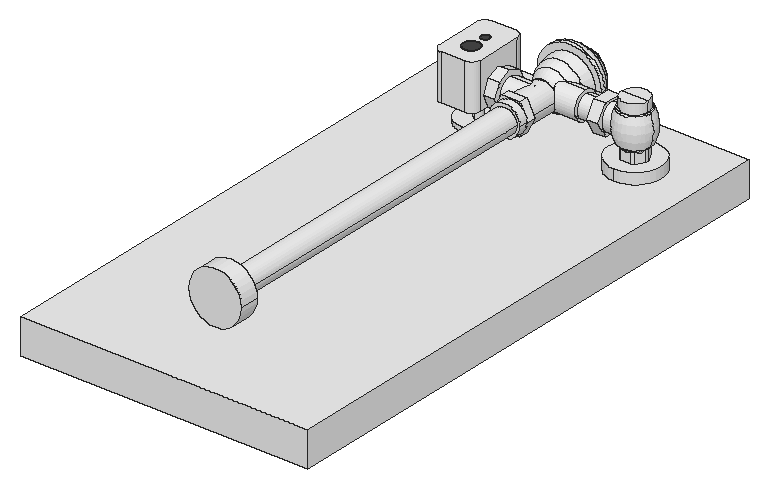
Revit family "Flush_Valve-Sensor-Hardwired-Zurn-Exposed-Water_closet-ZEMS6000PL-IS", category Plumbing Fixtures, host Face, Revit 2022
Family settings
  Host = Face
  Round Connector Dimension = Use Radius
  Part Type = Normal
  OmniClass Number = 23.45.05.14.99
  OmniClass Title = Other Sanitary Washing Plumbing Fixtures
  Cut with Voids When Loaded = No
  Maintain Annotation Orientation = No
  Shared = No
  Room Calculation Point = No
Parameters (values of type "Load Family Type Catalog")
  Waste Connection = 1 = 0  # no
  WFU = 0  # constant formula
  Vent Connection = 1 = 0  # no
  Valve Height [instance] = 24.00"
  Type Comments = "ZEMS6000PL-ONE-IS (1.1 GPF, 11-1/2\" R-I)"
  Repair Parts URL = "https://files.zurn.com/care-cleaning-install-warranty-sheets/fv343.pdf"
  Product data URL = "https://www.bimobject.com/en-us/zurnindustries/product/zurn_zems6000pl-is"
  Product Page URL = "https://www.zurn.com/products/finish-plumbing/sensor-flush-valves/gear-driven-hardwire/zems6000pl-is"
  Product Installation Sheet URL = "https://files.zurn.com/care-cleaning-install-warranty-sheets/fv343.pdf"
  Product Documentation Link = "https://files.zurn.com/spec-sheets/zems6000-is_spec.pdf"
  Operating Water Pressure (PSI) = "25 – 80 PSI (172 – 552 kPa)"  # constant formula
  Modified Date = "12/17/2025"  # constant formula
  Max Working Water Temperature = 104 °F  # constant formula
  Manufacturer Brand = "Zurn"  # constant formula
  Main Material = Chrome-Plated Brass - Zurn - Polished
  Inlet Connection Size (inch) = 1.00"
  HWFU = 0  # constant formula
  HW Connection = 1 = 0  # no
  Flush Rate (GPF) = "1.1 GPF"
  Enter Value of  Centerline of Flush Valve to Wall (2.25- 4.25) [instance] = 0.00"
  URL = "https://www.zurn.com/"
  Model = "ZEMS6000PL-IS"  # constant formula
  Manufacturer = "Zurn Water, LLC"  # constant formula
  Description = "Aquaflush® Exposed Hardwired Automatic Sensor Flush Valve For Water Closets"  # constant formula
  Default Elevation = 48.00"
  Date Created = "12/17/2025"  # constant formula
  Centerline of Stop Valve to Centerline of Flush Valve = 4.75"  # constant formula
  Centerline of Flush Valve to Wall [instance] = if([Enter Value of  Centerline of Flush Valve to Wall (2.25- 4.25)] < 2.25", 2.25", if([Enter Value of  Centerline of Flush Valve to Wall (2.25- 4.25)] > 4.25", 4.25", [Enter Value of  Centerline of Flush Valve to Wall (2.25- 4.25)]))  # 2.25"
  CWFU = 1  # constant formula
  CW Connection = 1 = 1  # yes
  Assembly Code = "D2010.60"
  Activation Method = "Manual Operated"  # constant formula
Reference planes (in)
  plane 1 "Center (Front/Back)": y = 0
  plane 2: z = 0
  plane 3 "Center (Left/Right)": x = 0
  plane 4: y = 0
  plane 5: x = 4.75
  plane 6: z = 2.25
  plane 7: z = 2.25
  plane 8: x = 1.44
  plane 9: z = 2.25
  plane 10: y = 22.38
  plane 11: x = -1.2
  plane 12: x = -1.5
  plane 13: y = 21.63
  plane 14: y = 21.13
  plane 15: y = 20.63
  plane 16: z = -2
  plane 17: y = 24
  plane 18: z = 0.625
  plane 19: y = 18.515
  plane 20: y = 17.95
  plane 21: z = 0.25
  plane 22: y = 22.9793
Forms (in)
  Extrusion 1, solid, material "Chrome-Plated Brass - Zurn - Polished" <- "Main Material"
    sketch origin (20.08675, -5.08734, 0) x (1, 0, 0) y (0, 1, 0)
      loop
        line (-28.30267, 32.83734) -> (-28.30267, 1.43535) -> (-11.87083, 1.43535) -> (-11.87083, 32.83734) -> (-28.30267, 32.83734)
    from 0 to -2
  Revolve 2, solid, material "Chrome-Plated Brass - Zurn - Polished" <- "Main Material"
    sketch origin (3.14024, -180, 2.25) x (-1, 0, 0) y (0, -1, 0)
      loop
        line (3.14024, -200.63) -> (3.14024, -181.34) -> (2.45274, -181.34) -> (2.45274, -200.63) -> (3.14024, -200.63)
      axis (3.14024, -200.63) -> (3.14024, -181.34)
    angle from 0 to 360
  Extrusion 3, solid, material "Chrome-Plated Brass - Zurn - Polished" <- "Main Material", detail levels fine
    sketch origin (-21.97181, 22.38, 48) x (-1, 0, 0) y (0, 0, 1)
      loop
        line (-22.4168, -44.871) -> (-22.92429, -45.75) -> (-22.4168, -46.629) -> (-21.33031, -46.629) -> (-20.82733, -45.86605) -> (-21.40182, -44.871) -> (-22.4168, -44.871)
    from -0.75 to -1.25
  Extrusion 4, solid, material "Chrome-Plated Brass - Zurn - Polished" <- "Main Material", detail levels fine
    sketch origin (0, 0, 0) x (1, 0, 0) y (0, 0, 1)
      loop
        circle (0, 2.25) r 0.86693
    from -21.13 to -20.63
  Extrusion 5, solid, material "Chrome-Plated Brass - Zurn - Polished" <- "Main Material"
    sketch origin (0, 18.18451, 2.25) x (0, 1, 0) y (-1, 0, 0)
      loop
        circle (5.81549, -4.75) r 1.5
    from -1.625 to -2.25
  Extrusion 6, solid, material "Chrome-Plated Brass - Zurn - Polished" <- "Main Material"
    sketch origin (0, 18.18451, 2.25) x (0, 1, 0) y (-1, 0, 0)
      loop
        circle (5.81549, -4.75) r 0.625
    from 0 to -1.625
  Extrusion 7, solid, material "Chrome-Plated Brass - Zurn - Polished" <- "Main Material", detail levels coarse+medium
    sketch origin (0, 0, 0) x (1, 0, 0) y (0, 0, 1)
      loop
        circle (0, 2.25) r 1.08
    from -21.63 to -20.63
  Extrusion 8, solid, material "Chrome-Plated Brass - Zurn - Polished" <- "Main Material"
    sketch origin (0, 18.18451, 2.25) x (0, 1, 0) y (-1, 0, 0)
      loop
        circle (4.79479, 3.3665) r 0.25
    from -2.25 to 0.879
  Extrusion 9, solid, material "Chrome-Plated Brass - Zurn - Polished" <- "Main Material"
    sketch origin (0, 18.18451, 2.25) x (0, 1, 0) y (-1, 0, 0)
      loop
        circle (4.79479, 3.3665) r 1.2
    from -2.25 to -2
Lines and regions (in)
  Masking region 1
    outline origin (0, 0, 0) x (1, 0, 0) y (0, 0, 1)
      loop
        line (-2.14, 3.3063) -> (-2.14, 4.1) -> (-4.5305, 4.1) -> (-4.5305, 0) -> (-2.2025, 0) -> (-2.2025, 1.1937) -> (-1.5, 1.1937)
        arc (-1.5, 1.1937) -> (0.15878, 0.42228) -> (1.65968, 1.4682) r 1.8346
        line (1.65968, 1.4682) -> (2.82524, 1.4682) -> (2.82524, 1.24) -> (3.67284, 1.24) -> (3.67284, 0.625) -> (3.25, 0.625) -> (3.25, 0) -> (6.25, 0) -> (6.25, 0.625) -> (5.84, 0.625) -> (5.84, 3.7) -> (3.66, 3.7) -> (3.66, 3.26) -> (2.82524, 3.26) -> (2.82524, 3.03116) -> (1.65999, 3.03116)
        arc (1.65999, 3.03116) -> (0.15914, 4.07769) -> (-1.5, 3.3063) r 1.8346
        line (-1.5, 3.3063) -> (-2.14, 3.3063)
  symbolic lines, detail levels fine
    curve 1: arc (16.13166, 1.53838, 0) -> (16.10438, 1.57544, 0) -> (16.06088, 1.56041, 0) r 0.03882
    curve 2: arc (16.01901, -1.49785, 0) -> (16.0878, -1.52321, 0) -> (16.13166, -1.46447, 0) r 0.06127
Dimensions and locks (in)
  locked: plane 4 to plane 1 "Center (Front/Back)"
  "Centerline of Stop Valve to Centerline of Flush Valve": plane 3 "Center (Left/Right)" to plane 5
  "Centerline of Flush Valve to Wall": plane 6 to Extrusion 1
  locked: plane 7 to plane 6
  locked: plane 3 "Center (Left/Right)" to plane 8 at 1.44
  locked: nested 2 to plane 9 at 1.45
  locked: nested 3 to Revolve 2 sketch curve at 0.75
  locked: plane 11 to plane 3 "Center (Left/Right)" at 1.2
  locked: plane 12 to plane 3 "Center (Left/Right)" at 1.5
  locked: plane 14 to plane 15 at 0.5
  equal spacing: Extrusion 1 sketch curve, plane 3 "Center (Left/Right)", Extrusion 1 sketch curve
  locked: Extrusion 1 sketch curve to Extrusion 1 sketch curve at 16.43183
  locked: plane 4 to Extrusion 1 sketch curve at 3.652
  locked: level to plane 16 at 2
  "Valve Height": plane 17 to plane 4
  locked: plane 18 to level at 0.625
  plane 15 to plane 19 = 2.115"
  locked: plane 15 to plane 20 at 2.68
  locked: plane 13 to plane 14 at 0.5
  locked: plane 17 to plane 13 at 2.37
  equal spacing: Masking region 1 sketch curve, nested 3, Masking region 1 sketch curve
  locked: Masking region 1 sketch curve to Masking region 1 sketch curve at 2.1126
  equal spacing: Masking region 1 sketch curve, plane 5, Masking region 1 sketch curve  (x2)
  locked: Masking region 1 sketch curve to Masking region 1 sketch curve at 2.18
  locked: Masking region 1 sketch curve to Masking region 1 sketch curve at 3
  equal spacing: Masking region 1 sketch curve, plane 9, Masking region 1 sketch curve
  locked: Masking region 1 sketch curve to Masking region 1 sketch curve at 2.02
  locked: plane 21 to Extrusion 1 at 0.25
  locked: plane 17 to plane 22 at 1.0207
  aligned and locked: nested 1 to plane 3 "Center (Left/Right)"
  aligned and locked: nested 1 to plane 4
  aligned and locked: nested 1 to plane 7
  aligned and locked: nested 3 to plane 6
  aligned and locked: plane 7 to plane 9
  aligned and locked: Revolve 2 sketch curve to plane 3 "Center (Left/Right)"
  aligned and locked: Extrusion 3 sketch curve to nested 3  (x5)
  aligned and locked: Extrusion 3 to plane 14
  aligned and locked: nested 1 to Extrusion 4 sketch curve  (x2)
  aligned and locked: Extrusion 4 to Extrusion 3
  aligned and locked: Extrusion 4 to plane 15
  aligned and locked: plane 17 to nested 2
  aligned and locked: plane 5 to Extrusion 5 sketch curve
  aligned and locked: plane 17 to Extrusion 5 sketch curve
  aligned and locked: Extrusion 5 to Extrusion 1
  aligned and locked: plane 18 to Extrusion 5
  aligned and locked: nested 2 to Extrusion 6 sketch curve
  aligned and locked: plane 17 to Extrusion 6 sketch curve
  aligned and locked: Extrusion 6 to Extrusion 5
  aligned and locked: nested 3 to Extrusion 6
  aligned and locked: Revolve 2 sketch curve to Extrusion 4
  aligned and locked: Revolve 2 sketch curve to Revolve 2 sketch curve
  aligned and locked: nested 3 to plane 17
  aligned and locked: plane 13 to Extrusion 3
  aligned and locked: nested 1 to Extrusion 7 sketch curve  (x2)
  aligned and locked: plane 13 to Extrusion 7
  aligned and locked: Extrusion 7 to plane 15
  aligned and locked: Masking region 1 sketch curve to nested 2  (x3)
  aligned and locked: Extrusion 1 to Masking region 1 sketch curve
  aligned and locked: Masking region 1 sketch curve to Extrusion 5  (x2)
  aligned and locked: plane 3 "Center (Left/Right)" to Masking region 1 sketch curve
  aligned and locked: nested 1 to Masking region 1 sketch curve  (x3)
  aligned and locked: nested 1 to Revolve 2 sketch curve
  aligned and locked: Extrusion 8 to Extrusion 1
  aligned and locked: Extrusion 3 to Extrusion 8
  aligned and locked: Extrusion 9 to Extrusion 1
  aligned and locked: Extrusion 9 to plane 21
  aligned and locked: nested 4 to nested 3
  aligned and locked: plane 22 to nested 4
  aligned and locked: nested 4 to nested 4
  aligned and locked: nested 4 to plane 7
Automatic sketch dimensions
  plane 1 "Center (Front/Back)" to curve 2 = 1.46447"
  plane 5 to curve 2 = 11.32039"
  curve 2 to curve 1 = 0.02245"
  curve 1 to plane 1 "Center (Front/Back)" = 1.53838"
  curve 2 to curve 2 = 0.05138"
  curve 1 to curve 1 = 0.03196"
  curve 1 to curve 1 = 0.03882"
  curve 2 to curve 2 = 0.06127"
  Extrusion 3 sketch curve to plane 3 "Center (Left/Right)" = 0.6415"
  Extrusion 3 sketch curve to plane 6 = 0.11605"
  Extrusion 1 sketch curve to Extrusion 1 sketch curve = 31.402"
  Revolve 2 sketch curve to plane 15 = 0.00"
  plane 1 "Center (Front/Back)" to Revolve 2 sketch curve = 0.69"
  Extrusion 8 sketch curve to plane 17 = 1.0207"
  Extrusion 8 sketch curve to plane 12 = 1.8665"
  Extrusion 9 sketch curve to plane 17 = 1.0207"
  Extrusion 9 sketch curve to plane 12 = 1.8665"
  Masking region 1 sketch curve to level = 0.00"
  Masking region 1 sketch curve to plane 12 = 0.00"  (x2)
  Masking region 1 sketch curve to Masking region 1 sketch curve = 0.64"
  Masking region 1 sketch curve to Masking region 1 sketch curve = 0.7025"
  plane 8 to Masking region 1 sketch curve = 0.21968"
  plane 8 to Masking region 1 sketch curve = 0.21999"
  Masking region 1 sketch curve to Masking region 1 sketch curve = 0.8476"
  Masking region 1 sketch curve to Masking region 1 sketch curve = 0.7937"
  Masking region 1 sketch curve to Masking region 1 sketch curve = 2.328"
  radius of Extrusion 4 sketch curve = 0.86693"
  radius of Extrusion 5 sketch curve = 1.50"
  radius of Extrusion 6 sketch curve = 0.625"
  radius of Extrusion 7 sketch curve = 1.08"
  radius of Extrusion 8 sketch curve = 0.25"
  radius of Extrusion 9 sketch curve = 1.20"
Nested families (in)
  nested 1: "1.Part_Tube_ genric" at (0, -3.28111, 2.25) x (-1, 0, 0) z (0, 1, 0), type "1.Part_Tube_ genric"
  nested 2: "3. Stop Valve" at (4.75, 24, 2.2375) x (-1, 0, 0) z (0, 0, 1), type "Family2"
  nested 3: "Manual FV-Head" at (-0.0625, 21.6333, 2.25) x (-1, 0, 0) z (0, 1, 0), type "Manual FV-Head"
  nested 4: "-IS Actuator" at (-3.3665, 17.89319, 4.1) x (1, 0, 0) z (0, 1, 0), type "-IS Actuator"
Connectors (in)
  piping at (4.75, 24, 0), diameter 2, driven by "Inlet Connection Size (inch)", driven by "CW Connection"
    settings: on Extrusion 5, index 1, connector inside diameter 24", connector length 0.00", flow factor 0, pipe flow 0 GPM, pressure drop 0.00 psi, fitting loss kfactor 0, connector angle 0.00°, fixture units 0, engagement length 0.00", angle of deflection 0.00°, flow configuration 0, flow direction 1, fitting loss method 0, system type 20, joint type 0, gender type 0, connector reference index -1, connector utility 1, adjustable connector no, is connector primary yes, connector description "Domestic Water inlet"
Definition of nested family "1.Part_Tube_ genric"
  Parameters (values of type "1.Part_Tube_ genric")
    Default Elevation = 48.00"
  Reference planes (in)
    plane 1 "Center (Front/Back)": y = 0
    plane 2: z = 3.28111
    plane 3 "Center (Left/Right)": x = 0
    plane 4: x = -1.5
    plane 5: x = 1.5
    plane 6: z = 4.37111
    plane 7: z = 4.62111
  Forms (in)
    Extrusion 1, solid, detail levels fine
      sketch origin (0, 0, 3.28111) x (1, 0, 0) y (0, 1, 0)
        loop
          circle (0, 0) r 1.5
      from 0 to 1.09
    Extrusion 2, solid, detail levels fine
      sketch origin (0, 0, 3.28111) x (1, 0, 0) y (0, 1, 0)
        loop
          line (1.14898, -0.00001) -> (0.57452, 0.995) -> (-0.57453, 0.995) -> (-1.14898, 0.00001) -> (-0.57452, -0.995) -> (0.57453, -0.995) -> (1.14898, -0.00001)
      from 1.09 to 1.34
    Revolve 3, solid, detail levels coarse+medium
      sketch origin (0, 0, 0) x (1, 0, 0) y (0, 0, 1)
        loop
          line (-1.14898, 4.62111) -> (-1.14898, 4.37111) -> (-1.5, 4.37111) -> (-1.5, 3.28111) -> (0, 3.28111) -> (0, 4.62111) -> (-1.14898, 4.62111)
        axis (0, 4.62111) -> (0, 3.28111)
      angle from 0 to 360
  Dimensions and locks (in)
    equal spacing: plane 5, plane 3 "Center (Left/Right)", plane 4, locked at 1.5 each
    locked: plane 3 "Center (Left/Right)" to plane 4 at 1.5
    locked: plane 6 to level at 1.09
    locked: plane 7 to plane 6 at 0.25
    equal spacing: Extrusion 2 sketch curve, plane 1 "Center (Front/Back)", Extrusion 2 sketch curve
    locked: Extrusion 2 sketch curve to Extrusion 2 sketch curve at 1.99
    equal spacing: Extrusion 2 sketch curve, plane 3 "Center (Left/Right)", Extrusion 2 sketch curve  (x2)
    locked: Extrusion 2 sketch curve to Extrusion 2 sketch curve at 1.99011
    locked: Extrusion 2 sketch curve to Extrusion 2 sketch curve at 1.99009
    locked: Extrusion 2 sketch curve to Extrusion 2 sketch curve (angle 120.00°)  (x5)
    angle Extrusion 2 sketch curve to Extrusion 2 sketch curve = 120.00°
    aligned and locked: plane 2 to level
    aligned and locked: plane 3 "Center (Left/Right)" to Extrusion 1 sketch curve
    aligned and locked: plane 1 "Center (Front/Back)" to Extrusion 1 sketch curve
    aligned and locked: plane 6 to Extrusion 1
    aligned and locked: plane 7 to Extrusion 2
    aligned and locked: Extrusion 2 to Extrusion 1
    aligned and locked: Revolve 3 sketch curve to Extrusion 2
    aligned and locked: plane 6 to Revolve 3 sketch curve
    aligned and locked: Revolve 3 sketch curve to plane 4
    aligned and locked: Revolve 3 sketch curve to level
    aligned and locked: Revolve 3 sketch curve to plane 3 "Center (Left/Right)"  (x2)
    aligned and locked: Extrusion 2 to Revolve 3 sketch curve
  Automatic sketch dimensions
    Revolve 3 sketch curve to level = 0.41"
    plane 7 to Revolve 3 sketch curve = 0.50"
    radius of Extrusion 1 sketch curve = 1.50"
Definition of nested family "3. Stop Valve"
  Parameters (values of type "Family2")
    Default Elevation = 0.00"
  Reference planes (in)
    plane 1 "Center (Front/Back)": y = 0
    plane 2: z = 0
    plane 3 "Center (Left/Right)": x = 0
  Dimensions and locks (in)
    aligned and locked: plane 2 to level
  Nested families (in)
    nested 1: "Stop Valve_ plumbing Fixture_ Genric Template" at (0, 0, 0) x (-1, 0, 0) z (0, -1, 0), type "3.Part_ Stop Valve"
  Definition of nested family "Stop Valve_ plumbing Fixture_ Genric Template"
    Parameters (values of type "3.Part_ Stop Valve")
      Stop Body Finish = none
      Default Elevation = 48.00"
      Assembly Code = ""
    Reference planes (in)
      plane 1 "Center (Front/Back)": y = 0
      plane 2: z = 0
      plane 3 "Center (Left/Right)": x = 0
      plane 4: x = -3.1
      plane 5 "Middle Plane": z = 0
      plane 6: x = 0
      plane 7: x = -3.1
    Forms (in)
      Revolve 1, solid, material <- "Stop Body Finish", detail levels fine
        sketch origin (5.11008, 2.28141, 0) x (-1, 0, 0) y (0, -1, 0)
          loop
            line (4.36008, 3.18991) -> (4.25498, 3.18991)
            arc (4.25498, 3.18991) -> (4.22986, 3.18245) -> (4.21289, 3.16248) r 0.046
            arc (4.21289, 3.16248) -> (4.03022, 2.31942) -> (4.19363, 1.47241) r 2.15
            line (4.19363, 1.47241) -> (4.27508, 1.47241)
            arc (4.27508, 1.47241) -> (4.36347, 1.4358) -> (4.40008, 1.34741) r 0.125
            line (4.40008, 1.34741) -> (4.40008, 1.29134) -> (4.46008, 1.18741) -> (5.11008, 1.18741) -> (5.11008, 3.74391) -> (4.36008, 3.74391) -> (4.36008, 3.18991)
          axis (5.11008, 3.74391) -> (5.11008, 1.18741)
        angle from 0 to 360
      Revolve 2, solid, material <- "Stop Body Finish", detail levels fine
        sketch origin (5.11008, 2.29491, 0) x (-1, 0, 0) y (0, -1, 0)
          loop
            line (6.40484, 2.29491) -> (6.40484, 3.07741) -> (4.98008, 3.07741) -> (4.98008, 2.29491) -> (6.40484, 2.29491)
          axis (4.98008, 2.29491) -> (6.40484, 2.29491)
        angle from 0 to 360
      Extrusion 3, solid, material <- "Stop Body Finish", detail levels fine
        sketch origin (0, 0.96642, 0) x (1, 0, 0) y (0, 0, -1)
          loop
            line (-0.70575, -0.07761) -> (-0.42009, -0.57239)
            arc (-0.42009, -0.57239) -> (-0.355, -0.61488) -> (-0.28566, -0.65) r 0.71
            line (-0.28566, -0.65) -> (0.28566, -0.65)
            arc (0.28566, -0.65) -> (0.355, -0.61488) -> (0.42009, -0.57239) r 0.71
            line (0.42009, -0.57239) -> (0.70575, -0.07761)
            arc (0.70575, -0.07761) -> (0.71, 0) -> (0.70575, 0.07761) r 0.71
            line (0.70575, 0.07761) -> (0.42009, 0.57239)
            arc (0.42009, 0.57239) -> (0.355, 0.61488) -> (0.28566, 0.65) r 0.71
            line (0.28566, 0.65) -> (-0.28566, 0.65)
            arc (-0.28566, 0.65) -> (-0.355, 0.61488) -> (-0.42009, 0.57239) r 0.71
            line (-0.42009, 0.57239) -> (-0.70575, 0.07761)
            arc (-0.70575, 0.07761) -> (-0.71, 0) -> (-0.70575, -0.07761) r 0.71
        from 0 to 0.70508
      Extrusion 4, solid, material <- "Stop Body Finish", detail levels fine
        sketch origin (-1.29476, 0, 0) x (0, 0, -1) y (0, -1, 0)
          loop
            line (-0.50085, 0.8675) -> (-1.0017, 0) -> (-0.50085, -0.8675) -> (0.50085, -0.8675) -> (1.0017, 0) -> (0.50085, 0.8675) -> (-0.50085, 0.8675)
        from 0 to 0.63
      Extrusion 5, solid, detail levels fine
        sketch origin (-1.92476, 0, 0) x (0, 0, -1) y (0, -1, 0)
          loop
            circle (0, 0) r 0.6385
        from 0 to 1.17524
      Extrusion 6, solid, detail levels coarse+medium
        sketch origin (0, 0, 0) x (1, 0, 0) y (0, 0, 1)
          loop
            circle (0, 0) r 1.085
        from 1.4625 to -1.6715
      Revolve 7, solid, detail levels coarse+medium
        sketch origin (0, 0, 0) x (1, 0, 0) y (0, 1, 0)
          loop
            line (-3.1, 0) -> (0, 0) -> (0, 0.7825) -> (-1.29476, 0.7825) -> (-1.29476, 0.995) -> (-1.92476, 0.995) -> (-1.92476, 0.64096) -> (-3.1, 0.64096) -> (-3.1, 0)
          axis (-3.1, 0) -> (0, 0)
        angle from 0 to 360
    Cuts and joins
      joined: Revolve 1, Revolve 2, Extrusion 3, Extrusion 4
    Lines and regions (in)
      model lines, not visible
        curve 1: circle (0, -1.4625, 0) r 0.75 normal (0, -1, 0)
        curve 2: circle (0, 1.6715, 0.02784) r 0.71055 normal (0, -1, 0)
        curve 3: line (-1.29476, -0.7825, 0) -> (-0.93627, -0.7825, 0)
        curve 4: line (-0.93627, -0.7825, 0) -> (-0.89082, -0.9085, 0)
        curve 5: line (-0.75, -1.4625, 0) -> (-0.75, -0.9085, 0)
        curve 8: arc (0.86386, -0.9085, 0) -> (1.07581, -0.05543, 0) -> (0.91645, 0.809, 0) r 2.07986
        curve 9: line (0.71055, 1.6715, 0) -> (0.71055, 0.809, 0)
        curve 10: line (-0.71, 1.6715, 0) -> (-0.71, 0.809, 0)
        curve 11: line (-0.92722, 0.7825, 0) -> (-1.29476, 0.7825, 0)
      model lines, not visible, detail levels coarse+medium
        curve 6: line (0.75, -1.4625, 0) -> (0.75, -0.9085, 0)
        curve 7: line (0.75, -0.9085, 0) -> (0.86386, -0.9085, 0)
    Dimensions and locks (in)
      plane 3 "Center (Left/Right)" to plane 4 = 3.10"
      locked: plane 1 "Center (Front/Back)" to Revolve 7 sketch curve at 0.64096
      plane 1 "Center (Front/Back)" to Revolve 7 sketch curve = 0.995"
      locked: plane 5 "Middle Plane" to level
      locked: plane 6 to plane 3 "Center (Left/Right)"
      locked: plane 7 to plane 6 at 3.1
      aligned and locked: level to plane 2
      aligned and locked: plane 1 "Center (Front/Back)" to Extrusion 5 sketch curve
      aligned and locked: level to Extrusion 5 sketch curve
      aligned and locked: Extrusion 5 to plane 4
      aligned and locked: plane 3 "Center (Left/Right)" to Extrusion 6 sketch curve
      aligned and locked: level to Extrusion 6 sketch curve
      aligned and locked: Extrusion 6 to curve 2
      aligned and locked: Extrusion 6 to curve 1
      aligned and locked: Revolve 7 sketch curve to plane 3 "Center (Left/Right)"
      aligned and locked: plane 1 "Center (Front/Back)" to Revolve 7 sketch curve  (x2)
      aligned and locked: Revolve 7 sketch curve to cut or joined group of Revolve 1, Revolve 2, Extrusion 3, Extrusion 4  (x2)
      aligned and locked: Revolve 7 sketch curve to curve 11
      aligned and locked: plane 4 to Revolve 7 sketch curve
Definition of nested family "Manual FV-Head"
  Parameters (values of type "Manual FV-Head")
    Repair Parts URL = ""
    Product data URL = ""
    Product Weight (lbs) = 0
    Product Page URL = ""
    Product Installation Sheet URL = ""
    Product Documentation Link = ""
    Operating Water Pressure (PSI) = ""
    Modified Date = ""
    Max Working Water Temperature = -459.67 °F
    Manufacturer Brand = ""
    Main Material = none
    Inlet Connection Size (inch) = 0.00"
    Flush Rate (GPF) = ""
    Flow Rate (GPM) = 0 GPM
    Default Elevation = 48.00"
    Date Created = ""
    Aerator Flow Rate (GPM) = 0.0 gal
    Activation Method = ""
  Reference planes (in)
    plane 1 "Center (Front/Back)": y = 0
    plane 2: z = 0
    plane 3 "Center (Left/Right)": x = 0
    plane 4: z = 3.703
    plane 5: z = 4.843
    plane 6: x = 1.8325
    plane 7: x = 1.25
    plane 8: z = 4.07
    plane 9: z = 4.843
    plane 10: z = 5.113
    plane 11: x = -1.452
    plane 12: x = -0.8395
    plane 13: z = 2.69
    plane 14: z = 1.346
    plane 15: z = 1.261
    plane 16: x = 1.45
    plane 17: x = 2.14
    plane 18: x = 2.74
    plane 19: x = 5.75
    plane 20: z = 2.3667
    plane 21: x = -2
  Forms (in)
    Revolve 1, solid, material <- "Main Material", detail levels fine
      sketch origin (0, 0, 0) x (1, 0, 0) y (0, 0, 1)
        loop
          line (0, 3.703) -> (1.8325, 3.703) -> (1.8325, 3.9027)
          arc (1.8325, 3.9027) -> (1.80666, 4.06135) -> (1.73182, 4.20361) r 0.5
          line (1.73182, 4.20361) -> (1.40003, 4.64391)
          arc (1.40003, 4.64391) -> (1.22381, 4.79047) -> (1.00071, 4.843) r 0.5
          line (1.00071, 4.843) -> (0, 4.843) -> (0, 3.703)
        axis (0, 4.843) -> (0, 3.703)
      angle from 0 to 360
    Extrusion 2, solid, material <- "Main Material", detail levels fine
      sketch origin (0, 0, 0) x (1, 0, 0) y (0, 1, 0)
        loop
          line (-0.50749, 0.879) -> (-1.01498, 0) -> (-0.50749, -0.879) -> (0.50749, -0.879) -> (1.01498, 0) -> (0.50749, 0.879) -> (-0.50749, 0.879)
      from 4.843 to 5.113
    Revolve 3, solid, material <- "Main Material", detail levels fine
      sketch origin (0, 0, 0) x (1, 0, 0) y (0, 0, 1)
        loop
          line (0, 1.8) -> (0, 3.703) -> (-1.452, 3.703) -> (-1.33315, 2.99744)
          arc (-1.33315, 2.99744) -> (-1.25374, 2.71616) -> (-1.11572, 2.45853) r 1.35193
          arc (-1.11572, 2.45853) -> (-0.91135, 2.15706) -> (-0.8395, 1.8) r 0.92309
          line (-0.8395, 1.8) -> (0, 1.8)
        axis (0, 3.703) -> (0, 1.8)
      angle from 0 to 360
    Extrusion 4, solid, material <- "Main Material"
      sketch origin (0, 0, 0) x (0, 1, 0) y (0, 0, 1)
        loop
          circle (0, 1.261) r 0.764
      from 0 to 1.45
    Extrusion 5, solid, material <- "Main Material"
      sketch origin (0, 0, 0) x (0, 1, 0) y (0, 0, 1)
        loop
          circle (0, 1.261) r 0.639
      from 2.14 to 2.74
    Extrusion 6, solid, material <- "Main Material", detail levels coarse+medium
      sketch origin (0, 0, 0) x (0, 1, 0) y (0, 0, 1)
        loop
          circle (0, 1.261) r 1.0563
      from 2.14 to 1.45
    Revolve 7, solid, material <- "Main Material", detail levels coarse+medium
      sketch origin (0, 0, 0) x (1, 0, 0) y (0, 0, 1)
        loop
          line (0, 1.8) -> (0.8395, 1.8)
          arc (0.8395, 1.8) -> (1.2915, 2.70924) -> (1.5, 3.703) r 4
          line (1.5, 3.703) -> (1.8484, 3.703) -> (1.8484, 4.843) -> (1.01498, 4.843) -> (1.01498, 5.113) -> (0, 5.113) -> (0, 1.8)
        axis (0, 5.113) -> (0, 1.8)
      angle from 0 to 360
    Extrusion 8, solid, material <- "Main Material"
      sketch origin (0, 0, 0) x (1, 0, 0) y (0, 1, 0)
        loop
          circle (0, 0) r 0.8143
      from 0 to 1.8
    Extrusion 9, solid, material <- "Main Material", detail levels fine
      sketch origin (0, 0, 0) x (0, 1, 0) y (0, 0, 1)
        loop
          line (0, 2.311) -> (-0.74246, 2.00346) -> (-1.05, 1.261) -> (-0.74246, 0.51854) -> (0, 0.211) -> (0.74246, 0.51854) -> (1.05, 1.261) -> (0.74246, 2.00346) -> (0, 2.311)
      from 1.45 to 2.14
    Extrusion 10, solid, material <- "Main Material"
      sketch origin (0, 0, 0) x (0, 1, 0) y (0, 0, 1)
        loop
          circle (0, 2.3667) r 0.7813
      from -2 to 0
  Dimensions and locks (in)
    locked: level to plane 4 at 3.703
    locked: plane 4 to plane 5 at 1.14
    locked: plane 4 to plane 8 at 0.367
    equal spacing: Extrusion 2 sketch curve, plane 3 "Center (Left/Right)", Extrusion 2 sketch curve, locked at 1.01498 each
    equal spacing: Extrusion 2 sketch curve, plane 3 "Center (Left/Right)", Extrusion 2 sketch curve, locked at 0.879 each  (x2)
    locked: plane 9 to plane 4 at 1.14
    locked: plane 10 to plane 9 at 0.27
    locked: plane 3 "Center (Left/Right)" to plane 11 at 1.452
    locked: plane 3 "Center (Left/Right)" to plane 12 at 0.8395
    locked: plane 13 to level at 2.69
    locked: Revolve 3 sketch curve to plane 13 at 0.532
    locked: plane 13 to Revolve 3 sketch curve at 0.89
    equal spacing: plane 3 "Center (Left/Right)", Revolve 3 sketch curve, Revolve 3 sketch curve
    locked: plane 14 to level at 1.346
    locked: plane 15 to level at 1.261
    equal spacing: Extrusion 2 sketch curve, plane 1 "Center (Front/Back)", Extrusion 2 sketch curve, locked at 0.879 each
    locked: Revolve 7 sketch curve to plane 3 "Center (Left/Right)" at 1.8484
    locked: Revolve 7 sketch curve to Revolve 7 sketch curve at 2.48735
    locked: Revolve 7 sketch curve to plane 4 at 0.31782
    equal spacing: Extrusion 9 sketch curve, plane 15, Extrusion 9 sketch curve  (x4)
    locked: Extrusion 9 sketch curve to Extrusion 9 sketch curve at 1.94015  (x4)
    locked: plane 16 to plane 3 "Center (Left/Right)" at 1.45
    locked: plane 17 to plane 16 at 0.69
    locked: plane 18 to plane 3 "Center (Left/Right)" at 2.74
    locked: plane 19 to plane 3 "Center (Left/Right)" at 5.75
    locked: plane 20 to level at 2.3667
    locked: plane 3 "Center (Left/Right)" to plane 21 at 2
    radius of Extrusion 8 sketch curve = 0.8143"
    locked: Extrusion 2 sketch curve to Extrusion 2 sketch curve (angle 120.00°)  (x4)
    angle Extrusion 2 sketch curve to Extrusion 2 sketch curve = 120.00°
    locked: Extrusion 9 sketch curve to Extrusion 9 sketch curve (angle 135.00°)  (x7)
    angle Extrusion 9 sketch curve to Extrusion 9 sketch curve = 135.00°
    aligned and locked: plane 2 to level
    aligned and locked: Revolve 1 sketch curve to plane 3 "Center (Left/Right)"  (x2)
    aligned and locked: plane 5 to Revolve 1 sketch curve
    aligned and locked: Extrusion 2 to plane 9
    aligned and locked: plane 10 to Extrusion 2
    aligned and locked: plane 11 to Revolve 3 sketch curve
    aligned and locked: plane 12 to Revolve 3 sketch curve
    aligned and locked: Revolve 3 sketch curve to Revolve 3 sketch curve
    aligned and locked: plane 3 "Center (Left/Right)" to Revolve 3 sketch curve
    aligned and locked: plane 4 to Revolve 3 sketch curve
    aligned and locked: Revolve 3 sketch curve to plane 3 "Center (Left/Right)"
    aligned and locked: plane 15 to Extrusion 4 sketch curve
    aligned and locked: plane 1 "Center (Front/Back)" to Extrusion 4 sketch curve
    aligned and locked: plane 1 "Center (Front/Back)" to Extrusion 5 sketch curve
    aligned and locked: plane 15 to Extrusion 5 sketch curve
    aligned and locked: plane 1 "Center (Front/Back)" to Extrusion 6 sketch curve
    aligned and locked: plane 15 to Extrusion 6 sketch curve
    aligned and locked: Revolve 7 sketch curve to Extrusion 2
    aligned and locked: plane 10 to Revolve 7 sketch curve
    aligned and locked: Revolve 7 sketch curve to plane 3 "Center (Left/Right)"  (x2)
    aligned and locked: Revolve 7 sketch curve to plane 4
    aligned and locked: plane 9 to Revolve 7 sketch curve
    aligned and locked: Revolve 3 to Revolve 7 sketch curve
    aligned and locked: plane 3 "Center (Left/Right)" to Extrusion 8 sketch curve
    aligned and locked: plane 1 "Center (Front/Back)" to Extrusion 8 sketch curve
    aligned and locked: Extrusion 8 to Revolve 3
    aligned and locked: Extrusion 8 to level
    aligned and locked: plane 16 to Extrusion 4
    aligned and locked: Extrusion 4 to plane 3 "Center (Left/Right)"
    aligned and locked: plane 17 to Extrusion 9
    aligned and locked: Extrusion 9 to Extrusion 4
    aligned and locked: plane 18 to Extrusion 5
    aligned and locked: Extrusion 5 to Extrusion 9
    aligned and locked: Extrusion 6 to Extrusion 9
    aligned and locked: plane 1 "Center (Front/Back)" to Extrusion 10 sketch curve
    aligned and locked: plane 20 to Extrusion 10 sketch curve
    aligned and locked: plane 3 "Center (Left/Right)" to Extrusion 10
    aligned and locked: Extrusion 10 to plane 21
  Automatic sketch dimensions
    plane 1 "Center (Front/Back)" to Extrusion 2 sketch curve = 0.00"
    Extrusion 2 sketch curve to plane 3 "Center (Left/Right)" = 0.50749"
    plane 6 to Revolve 1 sketch curve = 0.00"
    Revolve 1 sketch curve to plane 4 = 0.00"
    plane 7 to Revolve 1 sketch curve = 0.24929"
    Revolve 1 sketch curve to plane 7 = 0.0825"
    Revolve 1 sketch curve to plane 7 = 0.15003"
    plane 6 to Revolve 1 sketch curve = 0.10068"
    Revolve 1 sketch curve to plane 4 = 0.5634"
    Revolve 1 sketch curve to Revolve 1 sketch curve = 0.2966"
    Revolve 3 sketch curve to plane 3 "Center (Left/Right)" = 0.00"
    Revolve 3 sketch curve to plane 11 = 0.31059"
    plane 11 to Revolve 3 sketch curve = 0.11885"
    Revolve 3 sketch curve to Revolve 3 sketch curve = 0.16645"
    Revolve 3 sketch curve to Revolve 3 sketch curve = 0.21859"
    Extrusion 2 sketch curve to Extrusion 2 sketch curve = 0.50749"
    Revolve 7 sketch curve to Revolve 7 sketch curve = 0.3484"
    plane 14 to Revolve 7 sketch curve = 0.15706"
    Revolve 7 sketch curve to Revolve 7 sketch curve = 0.39006"
    Extrusion 9 sketch curve to plane 15 = 0.00"
    radius of Extrusion 4 sketch curve = 0.764"
    radius of Extrusion 5 sketch curve = 0.639"
    radius of Extrusion 6 sketch curve = 1.0563"
    radius of Extrusion 10 sketch curve = 0.7813"
Definition of nested family "-IS Actuator"
  Parameters (values of type "-IS Actuator")
    Main Material = none
    Default Elevation = 48.00"
  Reference planes (in)
    plane 1 "Center (Front/Back)": y = 0
    plane 2: z = 3.28111
    plane 3 "Center (Left/Right)": x = 0
    plane 4: z = 6.89111
    plane 5: y = 2.6
    plane 6: x = -1.164
    plane 7: x = 1.164
    plane 8: z = 5.08611
    plane 9: z = 5.56311
    plane 10: z = 4.56311
    plane 11: y = 0.25
    plane 12: y = 1.85
  Forms (in)
    Extrusion 1, void
      sketch origin (0, 0, 0) x (1, 0, 0) y (0, 0, 1)
        loop
          circle (0, 5.56311) r 0.235
        loop
          circle (0, 4.56311) r 0.4575
      from -0.25 to 0
    Extrusion 2, solid
      sketch origin (0, 0, 0) x (1, 0, 0) y (0, 0, 1)
        loop
          circle (0, 5.56311) r 0.235
        loop
          circle (0, 4.56311) r 0.4575
      from -0.25 to 0
    Extrusion 3, solid, material <- "Main Material", detail levels fine
      sketch origin (0, 0, 0) x (1, 0, 0) y (0, 0, 1)
        loop
          arc (-0.664, 6.89111) -> (-1.01755, 6.74466) -> (-1.164, 6.39111) r 0.5
          line (-1.164, 6.39111) -> (-1.164, 3.78111)
          arc (-1.164, 3.78111) -> (-1.01755, 3.42755) -> (-0.664, 3.28111) r 0.5
          line (-0.664, 3.28111) -> (0.664, 3.28111)
          arc (0.664, 3.28111) -> (1.01755, 3.42755) -> (1.164, 3.78111) r 0.5
          line (1.164, 3.78111) -> (1.164, 6.39111)
          arc (1.164, 6.39111) -> (1.01755, 6.74466) -> (0.664, 6.89111) r 0.5
          line (0.664, 6.89111) -> (-0.664, 6.89111)
      from -2.6 to 0
    Extrusion 4, solid, material <- "Main Material", detail levels coarse+medium
      sketch origin (0, 0, 0) x (1, 0, 0) y (0, 0, 1)
        loop
          line (-1.164, 6.89111) -> (-1.164, 3.28111) -> (1.164, 3.28111) -> (1.164, 6.89111) -> (-1.164, 6.89111)
      from -2.6 to 0
    Extrusion 5, void
      sketch origin (0, 0, 0) x (1, 0, 0) y (0, 0, 1)
        loop
          circle (0, 5.56311) r 0.235
        loop
          circle (0, 4.56311) r 0.4575
      from -0.25 to 0
  Cuts and joins
    Extrusion 1 cuts Extrusion 3
    Extrusion 5 cuts Extrusion 4
  Dimensions and locks (in)
    equal spacing: plane 6, plane 3 "Center (Left/Right)", plane 7
    locked: plane 6 to plane 3 "Center (Left/Right)" at 1.164
    locked: plane 1 "Center (Front/Back)" to plane 5 at 2.6
    locked: plane 4 to level at 3.61
    equal spacing: plane 4, plane 8, level
    locked: plane 8 to plane 10 at 0.523
    locked: plane 9 to plane 10 at 1
    locked: plane 1 "Center (Front/Back)" to plane 11 at 0.25
    locked: plane 5 to plane 12 at 0.75
    aligned and locked: plane 2 to level
    aligned and locked: plane 3 "Center (Left/Right)" to Extrusion 1 sketch curve
    aligned and locked: plane 9 to Extrusion 1 sketch curve
    aligned and locked: plane 11 to Extrusion 1
    aligned and locked: plane 1 "Center (Front/Back)" to Extrusion 1
    aligned and locked: plane 11 to Extrusion 2
    aligned and locked: plane 1 "Center (Front/Back)" to Extrusion 2
    aligned and locked: Extrusion 3 sketch curve to plane 4
    aligned and locked: plane 6 to Extrusion 3 sketch curve
    aligned and locked: level to Extrusion 3 sketch curve
    aligned and locked: Extrusion 3 sketch curve to plane 7
    aligned and locked: plane 5 to Extrusion 3
    aligned and locked: plane 1 "Center (Front/Back)" to Extrusion 3
    aligned and locked: Extrusion 4 sketch curve to plane 4
    aligned and locked: plane 6 to Extrusion 4 sketch curve
    aligned and locked: level to Extrusion 4 sketch curve
    aligned and locked: Extrusion 4 sketch curve to plane 7
    aligned and locked: plane 5 to Extrusion 4
    aligned and locked: plane 1 "Center (Front/Back)" to Extrusion 4
    aligned and locked: Extrusion 5 sketch curve to cut or joined group of Extrusion 1, Extrusion 3  (x4)
    aligned and locked: plane 11 to Extrusion 5
    aligned and locked: plane 1 "Center (Front/Back)" to Extrusion 5
  Automatic sketch dimensions
    Extrusion 1 sketch curve to plane 3 "Center (Left/Right)" = 0.00"
    Extrusion 1 sketch curve to plane 10 = 0.00"
    Extrusion 2 sketch curve to plane 9 = 0.00"  (x2)
    Extrusion 2 sketch curve to plane 10 = 0.00"  (x2)
    Extrusion 3 sketch curve to plane 4 = 0.00"
    plane 6 to Extrusion 3 sketch curve = 0.50"
    Extrusion 3 sketch curve to plane 4 = 0.50"
    Extrusion 3 sketch curve to plane 7 = 0.50"  (x2)
    Extrusion 5 sketch curve to plane 10 = 0.00"  (x2)
    radius of Extrusion 1 sketch curve = 0.235"
    radius of Extrusion 1 sketch curve = 0.4575"
